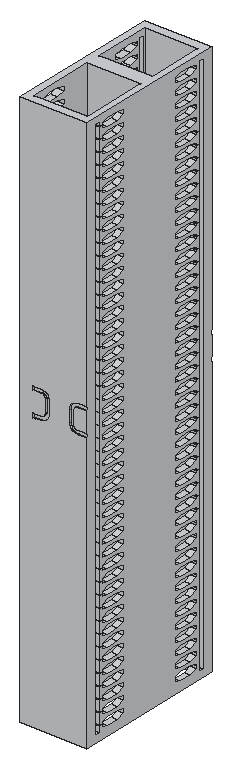
Revit family
Parameters
  Material ID = "760072801"
  Description = "Vertical Cable Management Kit, 10in X 84in (254mm X 2134mm) Double Sided, With Doors, Silver"
Reference planes (in)
  plane 1 "Center (Front/Back)": y = 0
  plane 2: z = 0
  plane 3 "Center (Left/Right)": x = 0
Forms (in)
  Extrusion 1, void, not visible
    sketch origin (0, 0, 0) x (1, 0, 0) y (0, 0, 1)
      loop
        line (-7.85662, 0.48089) -> (-7.85662, -0.39002) -> (-7.67285, -0.39002) -> (-7.67285, -0.64002) -> (-7.0736, -0.64002) -> (-7.0736, -0.39002) -> (-6.92978, -0.39002) -> (-6.92978, 0.48089) -> (-7.85662, 0.48089)
    from -3.79215 to 12
  Extrusion 2, void, not visible
    sketch origin (0, 0, 0) x (1, 0, 0) y (0, 0, 1)
      loop
        line (-8.21397, 0.42583) -> (-8.21397, -0.07417) -> (-8.08657, -0.07417) -> (-8.08657, -0.27417) -> (-7.83657, -0.27417) -> (-7.83657, -0.07417) -> (-7.72497, -0.07417) -> (-7.72497, 0.42583) -> (-8.21397, 0.42583)
    from 0.74059 to 3.34334
  Extrusion 3, solid
    sketch origin (0, 0, 0) x (1, 0, 0) y (0, 0, 1)
      loop
        line (-6, 42) -> (-6, -42) -> (4, -42) -> (4, 42) -> (-6, 42)
    from 0 to 23.5
  Extrusion 4, void
    sketch origin (-5.59283, 0, 42) x (0, 1, 0) y (1, 0, 0)
      loop
        line (-1.5, 0.69283) -> (-1.5, 8.74283) -> (-10, 8.74283) -> (-10, 0.69283) -> (-1.5, 0.69283)
      loop
        line (-12.25, 0.69283) -> (-12.25, 8.74283) -> (-22.25, 8.74283) -> (-22.25, 0.69283) -> (-12.25, 0.69283)
    from 0 to 110
  Extrusion 5, void
    sketch origin (4, 0, 20.63333) x (0, 0, 1) y (0, 1, 0)
      loop
        line (-61.63333, -2.51) -> (20.53667, -2.51) -> (20.53667, -1.54) -> (-61.63333, -1.54) -> (-61.63333, -2.51)
      loop
        line (-61.63333, -20.99) -> (-61.63333, -21.96) -> (20.53667, -21.96) -> (20.53667, -20.99) -> (-61.63333, -20.99)
    from 0 to 12
  Extrusion 6, void
    sketch origin (4, 0, 20.63333) x (0, 0, 1) y (0, 1, 0)
      loop
        line (20.18661, -6.98) -> (20.53667, -5.835) -> (20.53667, -4.905) -> (20.53667, -3.975) -> (20.18661, -2.83) -> (19.91167, -2.83) -> (19.91167, -2.2587) -> (19.81167, -2.2587) -> (19.81167, -2.83) -> (19.53673, -2.83) -> (19.18667, -3.975) -> (19.18667, -5.835) -> (19.53673, -6.98) -> (20.18661, -6.98)
      loop
        line (18.43661, -6.98) -> (18.78667, -5.835) -> (18.78667, -4.905) -> (18.78667, -3.975) -> (18.43661, -2.83) -> (18.16167, -2.83) -> (18.16167, -2.2587) -> (18.06167, -2.2587) -> (18.06167, -2.83) -> (17.78673, -2.83) -> (17.43667, -3.975) -> (17.43667, -5.835) -> (17.78673, -6.98) -> (18.43661, -6.98)
      loop
        line (16.68661, -6.98) -> (17.03667, -5.835) -> (17.03667, -4.905) -> (17.03667, -3.975) -> (16.68661, -2.83) -> (16.41167, -2.83) -> (16.41167, -2.2587) -> (16.31167, -2.2587) -> (16.31167, -2.83) -> (16.03673, -2.83) -> (15.68667, -3.975) -> (15.68667, -5.835) -> (16.03673, -6.98) -> (16.68661, -6.98)
      loop
        line (14.93661, -6.98) -> (15.28667, -5.835) -> (15.28667, -4.905) -> (15.28667, -3.975) -> (14.93661, -2.83) -> (14.66167, -2.83) -> (14.66167, -2.2587) -> (14.56167, -2.2587) -> (14.56167, -2.83) -> (14.28673, -2.83) -> (13.93667, -3.975) -> (13.93667, -5.835) -> (14.28673, -6.98) -> (14.93661, -6.98)
      loop
        line (13.18661, -6.98) -> (13.53667, -5.835) -> (13.53667, -4.905) -> (13.53667, -3.975) -> (13.18661, -2.83) -> (12.91167, -2.83) -> (12.91167, -2.2587) -> (12.81167, -2.2587) -> (12.81167, -2.83) -> (12.53673, -2.83) -> (12.18667, -3.975) -> (12.18667, -5.835) -> (12.53673, -6.98) -> (13.18661, -6.98)
      loop
        line (11.43661, -6.98) -> (11.78667, -5.835) -> (11.78667, -4.905) -> (11.78667, -3.975) -> (11.43661, -2.83) -> (11.16167, -2.83) -> (11.16167, -2.2587) -> (11.06167, -2.2587) -> (11.06167, -2.83) -> (10.78673, -2.83) -> (10.43667, -3.975) -> (10.43667, -5.835) -> (10.78673, -6.98) -> (11.43661, -6.98)
      loop
        line (9.68661, -6.98) -> (10.03667, -5.835) -> (10.03667, -4.905) -> (10.03667, -3.975) -> (9.68661, -2.83) -> (9.41167, -2.83) -> (9.41167, -2.2587) -> (9.31167, -2.2587) -> (9.31167, -2.83) -> (9.03673, -2.83) -> (8.68667, -3.975) -> (8.68667, -5.835) -> (9.03673, -6.98) -> (9.68661, -6.98)
      loop
        line (7.93661, -6.98) -> (8.28667, -5.835) -> (8.28667, -4.905) -> (8.28667, -3.975) -> (7.93661, -2.83) -> (7.66167, -2.83) -> (7.66167, -2.2587) -> (7.56167, -2.2587) -> (7.56167, -2.83) -> (7.28673, -2.83) -> (6.93667, -3.975) -> (6.93667, -5.835) -> (7.28673, -6.98) -> (7.93661, -6.98)
      loop
        line (6.18661, -6.98) -> (6.53667, -5.835) -> (6.53667, -4.905) -> (6.53667, -3.975) -> (6.18661, -2.83) -> (5.91167, -2.83) -> (5.91167, -2.2587) -> (5.81167, -2.2587) -> (5.81167, -2.83) -> (5.53673, -2.83) -> (5.18667, -3.975) -> (5.18667, -5.835) -> (5.53673, -6.98) -> (6.18661, -6.98)
      loop
        line (4.43661, -6.98) -> (4.78667, -5.835) -> (4.78667, -4.905) -> (4.78667, -3.975) -> (4.43661, -2.83) -> (4.16167, -2.83) -> (4.16167, -2.2587) -> (4.06167, -2.2587) -> (4.06167, -2.83) -> (3.78673, -2.83) -> (3.43667, -3.975) -> (3.43667, -5.835) -> (3.78673, -6.98) -> (4.43661, -6.98)
      loop
        line (2.68661, -6.98) -> (3.03667, -5.835) -> (3.03667, -4.905) -> (3.03667, -3.975) -> (2.68661, -2.83) -> (2.41167, -2.83) -> (2.41167, -2.2587) -> (2.31167, -2.2587) -> (2.31167, -2.83) -> (2.03673, -2.83) -> (1.68667, -3.975) -> (1.68667, -5.835) -> (2.03673, -6.98) -> (2.68661, -6.98)
      loop
        line (0.93661, -6.98) -> (1.28667, -5.835) -> (1.28667, -4.905) -> (1.28667, -3.975) -> (0.93661, -2.83) -> (0.66167, -2.83) -> (0.66167, -2.2587) -> (0.56167, -2.2587) -> (0.56167, -2.83) -> (0.28673, -2.83) -> (-0.06333, -3.975) -> (-0.06333, -5.835) -> (0.28673, -6.98) -> (0.93661, -6.98)
      loop
        line (-0.81339, -6.98) -> (-0.46333, -5.835) -> (-0.46333, -4.905) -> (-0.46333, -3.975) -> (-0.81339, -2.83) -> (-1.08833, -2.83) -> (-1.08833, -2.2587) -> (-1.18833, -2.2587) -> (-1.18833, -2.83) -> (-1.46327, -2.83) -> (-1.81333, -3.975) -> (-1.81333, -5.835) -> (-1.46327, -6.98) -> (-0.81339, -6.98)
      loop
        line (-2.56339, -6.98) -> (-2.21333, -5.835) -> (-2.21333, -4.905) -> (-2.21333, -3.975) -> (-2.56339, -2.83) -> (-2.83833, -2.83) -> (-2.83833, -2.2587) -> (-2.93833, -2.2587) -> (-2.93833, -2.83) -> (-3.21327, -2.83) -> (-3.56333, -3.975) -> (-3.56333, -5.835) -> (-3.21327, -6.98) -> (-2.56339, -6.98)
      loop
        line (-4.31339, -6.98) -> (-3.96333, -5.835) -> (-3.96333, -4.905) -> (-3.96333, -3.975) -> (-4.31339, -2.83) -> (-4.58833, -2.83) -> (-4.58833, -2.2587) -> (-4.68833, -2.2587) -> (-4.68833, -2.83) -> (-4.96327, -2.83) -> (-5.31333, -3.975) -> (-5.31333, -5.835) -> (-4.96327, -6.98) -> (-4.31339, -6.98)
      loop
        line (-6.06339, -6.98) -> (-5.71333, -5.835) -> (-5.71333, -4.905) -> (-5.71333, -3.975) -> (-6.06339, -2.83) -> (-6.33833, -2.83) -> (-6.33833, -2.2587) -> (-6.43833, -2.2587) -> (-6.43833, -2.83) -> (-6.71327, -2.83) -> (-7.06333, -3.975) -> (-7.06333, -5.835) -> (-6.71327, -6.98) -> (-6.06339, -6.98)
      loop
        line (-7.81339, -6.98) -> (-7.46333, -5.835) -> (-7.46333, -4.905) -> (-7.46333, -3.975) -> (-7.81339, -2.83) -> (-8.08833, -2.83) -> (-8.08833, -2.2587) -> (-8.18833, -2.2587) -> (-8.18833, -2.83) -> (-8.46327, -2.83) -> (-8.81333, -3.975) -> (-8.81333, -5.835) -> (-8.46327, -6.98) -> (-7.81339, -6.98)
      loop
        line (-9.56339, -6.98) -> (-9.21333, -5.835) -> (-9.21333, -4.905) -> (-9.21333, -3.975) -> (-9.56339, -2.83) -> (-9.83833, -2.83) -> (-9.83833, -2.2587) -> (-9.93833, -2.2587) -> (-9.93833, -2.83) -> (-10.21327, -2.83) -> (-10.56333, -3.975) -> (-10.56333, -5.835) -> (-10.21327, -6.98) -> (-9.56339, -6.98)
      loop
        line (-11.31339, -6.98) -> (-10.96333, -5.835) -> (-10.96333, -4.905) -> (-10.96333, -3.975) -> (-11.31339, -2.83) -> (-11.58833, -2.83) -> (-11.58833, -2.2587) -> (-11.68833, -2.2587) -> (-11.68833, -2.83) -> (-11.96327, -2.83) -> (-12.31333, -3.975) -> (-12.31333, -5.835) -> (-11.96327, -6.98) -> (-11.31339, -6.98)
      loop
        line (-13.06339, -6.98) -> (-12.71333, -5.835) -> (-12.71333, -4.905) -> (-12.71333, -3.975) -> (-13.06339, -2.83) -> (-13.33833, -2.83) -> (-13.33833, -2.2587) -> (-13.43833, -2.2587) -> (-13.43833, -2.83) -> (-13.71327, -2.83) -> (-14.06333, -3.975) -> (-14.06333, -5.835) -> (-13.71327, -6.98) -> (-13.06339, -6.98)
      loop
        line (-14.81339, -6.98) -> (-14.46333, -5.835) -> (-14.46333, -4.905) -> (-14.46333, -3.975) -> (-14.81339, -2.83) -> (-15.08833, -2.83) -> (-15.08833, -2.2587) -> (-15.18833, -2.2587) -> (-15.18833, -2.83) -> (-15.46327, -2.83) -> (-15.81333, -3.975) -> (-15.81333, -5.835) -> (-15.46327, -6.98) -> (-14.81339, -6.98)
      loop
        line (-16.56339, -6.98) -> (-16.21333, -5.835) -> (-16.21333, -4.905) -> (-16.21333, -3.975) -> (-16.56339, -2.83) -> (-16.83833, -2.83) -> (-16.83833, -2.2587) -> (-16.93833, -2.2587) -> (-16.93833, -2.83) -> (-17.21327, -2.83) -> (-17.56333, -3.975) -> (-17.56333, -5.835) -> (-17.21327, -6.98) -> (-16.56339, -6.98)
      loop
        line (-18.31339, -6.98) -> (-17.96333, -5.835) -> (-17.96333, -4.905) -> (-17.96333, -3.975) -> (-18.31339, -2.83) -> (-18.58833, -2.83) -> (-18.58833, -2.2587) -> (-18.68833, -2.2587) -> (-18.68833, -2.83) -> (-18.96327, -2.83) -> (-19.31333, -3.975) -> (-19.31333, -5.835) -> (-18.96327, -6.98) -> (-18.31339, -6.98)
      loop
        line (-20.06339, -6.98) -> (-19.71333, -5.835) -> (-19.71333, -4.905) -> (-19.71333, -3.975) -> (-20.06339, -2.83) -> (-20.33833, -2.83) -> (-20.33833, -2.2587) -> (-20.43833, -2.2587) -> (-20.43833, -2.83) -> (-20.71327, -2.83) -> (-21.06333, -3.975) -> (-21.06333, -5.835) -> (-20.71327, -6.98) -> (-20.06339, -6.98)
      loop
        line (-21.81339, -6.98) -> (-21.46333, -5.835) -> (-21.46333, -4.905) -> (-21.46333, -3.975) -> (-21.81339, -2.83) -> (-22.08833, -2.83) -> (-22.08833, -2.2587) -> (-22.18833, -2.2587) -> (-22.18833, -2.83) -> (-22.46327, -2.83) -> (-22.81333, -3.975) -> (-22.81333, -5.835) -> (-22.46327, -6.98) -> (-21.81339, -6.98)
      loop
        line (-23.56339, -6.98) -> (-23.21333, -5.835) -> (-23.21333, -4.905) -> (-23.21333, -3.975) -> (-23.56339, -2.83) -> (-23.83833, -2.83) -> (-23.83833, -2.2587) -> (-23.93833, -2.2587) -> (-23.93833, -2.83) -> (-24.21327, -2.83) -> (-24.56333, -3.975) -> (-24.56333, -5.835) -> (-24.21327, -6.98) -> (-23.56339, -6.98)
      loop
        line (-25.31339, -6.98) -> (-24.96333, -5.835) -> (-24.96333, -4.905) -> (-24.96333, -3.975) -> (-25.31339, -2.83) -> (-25.58833, -2.83) -> (-25.58833, -2.2587) -> (-25.68833, -2.2587) -> (-25.68833, -2.83) -> (-25.96327, -2.83) -> (-26.31333, -3.975) -> (-26.31333, -5.835) -> (-25.96327, -6.98) -> (-25.31339, -6.98)
      loop
        line (-27.06339, -6.98) -> (-26.71333, -5.835) -> (-26.71333, -4.905) -> (-26.71333, -3.975) -> (-27.06339, -2.83) -> (-27.33833, -2.83) -> (-27.33833, -2.2587) -> (-27.43833, -2.2587) -> (-27.43833, -2.83) -> (-27.71327, -2.83) -> (-28.06333, -3.975) -> (-28.06333, -5.835) -> (-27.71327, -6.98) -> (-27.06339, -6.98)
      loop
        line (-28.81339, -6.98) -> (-28.46333, -5.835) -> (-28.46333, -4.905) -> (-28.46333, -3.975) -> (-28.81339, -2.83) -> (-29.08833, -2.83) -> (-29.08833, -2.2587) -> (-29.18833, -2.2587) -> (-29.18833, -2.83) -> (-29.46327, -2.83) -> (-29.81333, -3.975) -> (-29.81333, -5.835) -> (-29.46327, -6.98) -> (-28.81339, -6.98)
      loop
        line (-30.56339, -6.98) -> (-30.21333, -5.835) -> (-30.21333, -4.905) -> (-30.21333, -3.975) -> (-30.56339, -2.83) -> (-30.83833, -2.83) -> (-30.83833, -2.2587) -> (-30.93833, -2.2587) -> (-30.93833, -2.83) -> (-31.21327, -2.83) -> (-31.56333, -3.975) -> (-31.56333, -5.835) -> (-31.21327, -6.98) -> (-30.56339, -6.98)
      loop
        line (-32.31339, -6.98) -> (-31.96333, -5.835) -> (-31.96333, -4.905) -> (-31.96333, -3.975) -> (-32.31339, -2.83) -> (-32.58833, -2.83) -> (-32.58833, -2.2587) -> (-32.68833, -2.2587) -> (-32.68833, -2.83) -> (-32.96327, -2.83) -> (-33.31333, -3.975) -> (-33.31333, -5.835) -> (-32.96327, -6.98) -> (-32.31339, -6.98)
      loop
        line (-34.06339, -6.98) -> (-33.71333, -5.835) -> (-33.71333, -4.905) -> (-33.71333, -3.975) -> (-34.06339, -2.83) -> (-34.33833, -2.83) -> (-34.33833, -2.2587) -> (-34.43833, -2.2587) -> (-34.43833, -2.83) -> (-34.71327, -2.83) -> (-35.06333, -3.975) -> (-35.06333, -5.835) -> (-34.71327, -6.98) -> (-34.06339, -6.98)
      loop
        line (-35.81339, -6.98) -> (-35.46333, -5.835) -> (-35.46333, -4.905) -> (-35.46333, -3.975) -> (-35.81339, -2.83) -> (-36.08833, -2.83) -> (-36.08833, -2.2587) -> (-36.18833, -2.2587) -> (-36.18833, -2.83) -> (-36.46327, -2.83) -> (-36.81333, -3.975) -> (-36.81333, -5.835) -> (-36.46327, -6.98) -> (-35.81339, -6.98)
      loop
        line (-37.56339, -6.98) -> (-37.21333, -5.835) -> (-37.21333, -4.905) -> (-37.21333, -3.975) -> (-37.56339, -2.83) -> (-37.83833, -2.83) -> (-37.83833, -2.2587) -> (-37.93833, -2.2587) -> (-37.93833, -2.83) -> (-38.21327, -2.83) -> (-38.56333, -3.975) -> (-38.56333, -5.835) -> (-38.21327, -6.98) -> (-37.56339, -6.98)
      loop
        line (-39.31339, -6.98) -> (-38.96333, -5.835) -> (-38.96333, -4.905) -> (-38.96333, -3.975) -> (-39.31339, -2.83) -> (-39.58833, -2.83) -> (-39.58833, -2.2587) -> (-39.68833, -2.2587) -> (-39.68833, -2.83) -> (-39.96327, -2.83) -> (-40.31333, -3.975) -> (-40.31333, -5.835) -> (-39.96327, -6.98) -> (-39.31339, -6.98)
      loop
        line (-41.06339, -6.98) -> (-40.71333, -5.835) -> (-40.71333, -4.905) -> (-40.71333, -3.975) -> (-41.06339, -2.83) -> (-41.33833, -2.83) -> (-41.33833, -2.2587) -> (-41.43833, -2.2587) -> (-41.43833, -2.83) -> (-41.71327, -2.83) -> (-42.06333, -3.975) -> (-42.06333, -5.835) -> (-41.71327, -6.98) -> (-41.06339, -6.98)
      loop
        line (-42.81339, -6.98) -> (-42.46333, -5.835) -> (-42.46333, -4.905) -> (-42.46333, -3.975) -> (-42.81339, -2.83) -> (-43.08833, -2.83) -> (-43.08833, -2.2587) -> (-43.18833, -2.2587) -> (-43.18833, -2.83) -> (-43.46327, -2.83) -> (-43.81333, -3.975) -> (-43.81333, -5.835) -> (-43.46327, -6.98) -> (-42.81339, -6.98)
      loop
        line (-44.56339, -6.98) -> (-44.21333, -5.835) -> (-44.21333, -4.905) -> (-44.21333, -3.975) -> (-44.56339, -2.83) -> (-44.83833, -2.83) -> (-44.83833, -2.2587) -> (-44.93833, -2.2587) -> (-44.93833, -2.83) -> (-45.21327, -2.83) -> (-45.56333, -3.975) -> (-45.56333, -5.835) -> (-45.21327, -6.98) -> (-44.56339, -6.98)
      loop
        line (-46.31339, -6.98) -> (-45.96333, -5.835) -> (-45.96333, -4.905) -> (-45.96333, -3.975) -> (-46.31339, -2.83) -> (-46.58833, -2.83) -> (-46.58833, -2.2587) -> (-46.68833, -2.2587) -> (-46.68833, -2.83) -> (-46.96327, -2.83) -> (-47.31333, -3.975) -> (-47.31333, -5.835) -> (-46.96327, -6.98) -> (-46.31339, -6.98)
      loop
        line (-48.06339, -6.98) -> (-47.71333, -5.835) -> (-47.71333, -4.905) -> (-47.71333, -3.975) -> (-48.06339, -2.83) -> (-48.33833, -2.83) -> (-48.33833, -2.2587) -> (-48.43833, -2.2587) -> (-48.43833, -2.83) -> (-48.71327, -2.83) -> (-49.06333, -3.975) -> (-49.06333, -5.835) -> (-48.71327, -6.98) -> (-48.06339, -6.98)
      loop
        line (-49.81339, -6.98) -> (-49.46333, -5.835) -> (-49.46333, -4.905) -> (-49.46333, -3.975) -> (-49.81339, -2.83) -> (-50.08833, -2.83) -> (-50.08833, -2.2587) -> (-50.18833, -2.2587) -> (-50.18833, -2.83) -> (-50.46327, -2.83) -> (-50.81333, -3.975) -> (-50.81333, -5.835) -> (-50.46327, -6.98) -> (-49.81339, -6.98)
      loop
        line (-51.56339, -6.98) -> (-51.21333, -5.835) -> (-51.21333, -4.905) -> (-51.21333, -3.975) -> (-51.56339, -2.83) -> (-51.83833, -2.83) -> (-51.83833, -2.2587) -> (-51.93833, -2.2587) -> (-51.93833, -2.83) -> (-52.21327, -2.83) -> (-52.56333, -3.975) -> (-52.56333, -5.835) -> (-52.21327, -6.98) -> (-51.56339, -6.98)
      loop
        line (-53.31339, -6.98) -> (-52.96333, -5.835) -> (-52.96333, -4.905) -> (-52.96333, -3.975) -> (-53.31339, -2.83) -> (-53.58833, -2.83) -> (-53.58833, -2.2587) -> (-53.68833, -2.2587) -> (-53.68833, -2.83) -> (-53.96327, -2.83) -> (-54.31333, -3.975) -> (-54.31333, -5.835) -> (-53.96327, -6.98) -> (-53.31339, -6.98)
      loop
        line (-55.06339, -6.98) -> (-54.71333, -5.835) -> (-54.71333, -4.905) -> (-54.71333, -3.975) -> (-55.06339, -2.83) -> (-55.33833, -2.83) -> (-55.33833, -2.2587) -> (-55.43833, -2.2587) -> (-55.43833, -2.83) -> (-55.71327, -2.83) -> (-56.06333, -3.975) -> (-56.06333, -5.835) -> (-55.71327, -6.98) -> (-55.06339, -6.98)
      loop
        line (-56.81339, -6.98) -> (-56.46333, -5.835) -> (-56.46333, -4.905) -> (-56.46333, -3.975) -> (-56.81339, -2.83) -> (-57.08833, -2.83) -> (-57.08833, -2.2587) -> (-57.18833, -2.2587) -> (-57.18833, -2.83) -> (-57.46327, -2.83) -> (-57.81333, -3.975) -> (-57.81333, -5.835) -> (-57.46327, -6.98) -> (-56.81339, -6.98)
      loop
        line (-58.56339, -6.98) -> (-58.21333, -5.835) -> (-58.21333, -4.905) -> (-58.21333, -3.975) -> (-58.56339, -2.83) -> (-58.83833, -2.83) -> (-58.83833, -2.2587) -> (-58.93833, -2.2587) -> (-58.93833, -2.83) -> (-59.21327, -2.83) -> (-59.56333, -3.975) -> (-59.56333, -5.835) -> (-59.21327, -6.98) -> (-58.56339, -6.98)
      loop
        line (-60.31339, -6.98) -> (-59.96333, -5.835) -> (-59.96333, -4.905) -> (-59.96333, -3.975) -> (-60.31339, -2.83) -> (-60.58833, -2.83) -> (-60.58833, -2.2587) -> (-60.68833, -2.2587) -> (-60.68833, -2.83) -> (-60.96327, -2.83) -> (-61.31333, -3.975) -> (-61.31333, -5.835) -> (-60.96327, -6.98) -> (-60.31339, -6.98)
      loop
        line (20.18661, -16.52) -> (19.53673, -16.52) -> (19.18667, -17.665) -> (19.18667, -19.525) -> (19.53673, -20.67) -> (19.81167, -20.67) -> (19.81167, -21.2413) -> (19.91167, -21.2413) -> (19.91167, -20.67) -> (20.18661, -20.67) -> (20.53667, -19.525) -> (20.53667, -18.595) -> (20.53667, -17.665) -> (20.18661, -16.52)
      loop
        line (18.43661, -16.52) -> (17.78673, -16.52) -> (17.43667, -17.665) -> (17.43667, -19.525) -> (17.78673, -20.67) -> (18.06167, -20.67) -> (18.06167, -21.2413) -> (18.16167, -21.2413) -> (18.16167, -20.67) -> (18.43661, -20.67) -> (18.78667, -19.525) -> (18.78667, -18.595) -> (18.78667, -17.665) -> (18.43661, -16.52)
      loop
        line (16.68661, -16.52) -> (16.03673, -16.52) -> (15.68667, -17.665) -> (15.68667, -19.525) -> (16.03673, -20.67) -> (16.31167, -20.67) -> (16.31167, -21.2413) -> (16.41167, -21.2413) -> (16.41167, -20.67) -> (16.68661, -20.67) -> (17.03667, -19.525) -> (17.03667, -18.595) -> (17.03667, -17.665) -> (16.68661, -16.52)
      loop
        line (14.93661, -16.52) -> (14.28673, -16.52) -> (13.93667, -17.665) -> (13.93667, -19.525) -> (14.28673, -20.67) -> (14.56167, -20.67) -> (14.56167, -21.2413) -> (14.66167, -21.2413) -> (14.66167, -20.67) -> (14.93661, -20.67) -> (15.28667, -19.525) -> (15.28667, -18.595) -> (15.28667, -17.665) -> (14.93661, -16.52)
      loop
        line (13.18661, -16.52) -> (12.53673, -16.52) -> (12.18667, -17.665) -> (12.18667, -19.525) -> (12.53673, -20.67) -> (12.81167, -20.67) -> (12.81167, -21.2413) -> (12.91167, -21.2413) -> (12.91167, -20.67) -> (13.18661, -20.67) -> (13.53667, -19.525) -> (13.53667, -18.595) -> (13.53667, -17.665) -> (13.18661, -16.52)
      loop
        line (11.43661, -16.52) -> (10.78673, -16.52) -> (10.43667, -17.665) -> (10.43667, -19.525) -> (10.78673, -20.67) -> (11.06167, -20.67) -> (11.06167, -21.2413) -> (11.16167, -21.2413) -> (11.16167, -20.67) -> (11.43661, -20.67) -> (11.78667, -19.525) -> (11.78667, -18.595) -> (11.78667, -17.665) -> (11.43661, -16.52)
      loop
        line (9.68661, -16.52) -> (9.03673, -16.52) -> (8.68667, -17.665) -> (8.68667, -19.525) -> (9.03673, -20.67) -> (9.31167, -20.67) -> (9.31167, -21.2413) -> (9.41167, -21.2413) -> (9.41167, -20.67) -> (9.68661, -20.67) -> (10.03667, -19.525) -> (10.03667, -18.595) -> (10.03667, -17.665) -> (9.68661, -16.52)
      loop
        line (7.93661, -16.52) -> (7.28673, -16.52) -> (6.93667, -17.665) -> (6.93667, -19.525) -> (7.28673, -20.67) -> (7.56167, -20.67) -> (7.56167, -21.2413) -> (7.66167, -21.2413) -> (7.66167, -20.67) -> (7.93661, -20.67) -> (8.28667, -19.525) -> (8.28667, -18.595) -> (8.28667, -17.665) -> (7.93661, -16.52)
      loop
        line (6.18661, -16.52) -> (5.53673, -16.52) -> (5.18667, -17.665) -> (5.18667, -19.525) -> (5.53673, -20.67) -> (5.81167, -20.67) -> (5.81167, -21.2413) -> (5.91167, -21.2413) -> (5.91167, -20.67) -> (6.18661, -20.67) -> (6.53667, -19.525) -> (6.53667, -18.595) -> (6.53667, -17.665) -> (6.18661, -16.52)
      loop
        line (4.43661, -16.52) -> (3.78673, -16.52) -> (3.43667, -17.665) -> (3.43667, -19.525) -> (3.78673, -20.67) -> (4.06167, -20.67) -> (4.06167, -21.2413) -> (4.16167, -21.2413) -> (4.16167, -20.67) -> (4.43661, -20.67) -> (4.78667, -19.525) -> (4.78667, -18.595) -> (4.78667, -17.665) -> (4.43661, -16.52)
      loop
        line (2.68661, -16.52) -> (2.03673, -16.52) -> (1.68667, -17.665) -> (1.68667, -19.525) -> (2.03673, -20.67) -> (2.31167, -20.67) -> (2.31167, -21.2413) -> (2.41167, -21.2413) -> (2.41167, -20.67) -> (2.68661, -20.67) -> (3.03667, -19.525) -> (3.03667, -18.595) -> (3.03667, -17.665) -> (2.68661, -16.52)
      loop
        line (0.93661, -16.52) -> (0.28673, -16.52) -> (-0.06333, -17.665) -> (-0.06333, -19.525) -> (0.28673, -20.67) -> (0.56167, -20.67) -> (0.56167, -21.2413) -> (0.66167, -21.2413) -> (0.66167, -20.67) -> (0.93661, -20.67) -> (1.28667, -19.525) -> (1.28667, -18.595) -> (1.28667, -17.665) -> (0.93661, -16.52)
      loop
        line (-0.81339, -16.52) -> (-1.46327, -16.52) -> (-1.81333, -17.665) -> (-1.81333, -19.525) -> (-1.46327, -20.67) -> (-1.18833, -20.67) -> (-1.18833, -21.2413) -> (-1.08833, -21.2413) -> (-1.08833, -20.67) -> (-0.81339, -20.67) -> (-0.46333, -19.525) -> (-0.46333, -18.595) -> (-0.46333, -17.665) -> (-0.81339, -16.52)
      loop
        line (-2.56339, -16.52) -> (-3.21327, -16.52) -> (-3.56333, -17.665) -> (-3.56333, -19.525) -> (-3.21327, -20.67) -> (-2.93833, -20.67) -> (-2.93833, -21.2413) -> (-2.83833, -21.2413) -> (-2.83833, -20.67) -> (-2.56339, -20.67) -> (-2.21333, -19.525) -> (-2.21333, -18.595) -> (-2.21333, -17.665) -> (-2.56339, -16.52)
      loop
        line (-4.31339, -16.52) -> (-4.96327, -16.52) -> (-5.31333, -17.665) -> (-5.31333, -19.525) -> (-4.96327, -20.67) -> (-4.68833, -20.67) -> (-4.68833, -21.2413) -> (-4.58833, -21.2413) -> (-4.58833, -20.67) -> (-4.31339, -20.67) -> (-3.96333, -19.525) -> (-3.96333, -18.595) -> (-3.96333, -17.665) -> (-4.31339, -16.52)
      loop
        line (-6.06339, -16.52) -> (-6.71327, -16.52) -> (-7.06333, -17.665) -> (-7.06333, -19.525) -> (-6.71327, -20.67) -> (-6.43833, -20.67) -> (-6.43833, -21.2413) -> (-6.33833, -21.2413) -> (-6.33833, -20.67) -> (-6.06339, -20.67) -> (-5.71333, -19.525) -> (-5.71333, -18.595) -> (-5.71333, -17.665) -> (-6.06339, -16.52)
      loop
        line (-7.81339, -16.52) -> (-8.46327, -16.52) -> (-8.81333, -17.665) -> (-8.81333, -19.525) -> (-8.46327, -20.67) -> (-8.18833, -20.67) -> (-8.18833, -21.2413) -> (-8.08833, -21.2413) -> (-8.08833, -20.67) -> (-7.81339, -20.67) -> (-7.46333, -19.525) -> (-7.46333, -18.595) -> (-7.46333, -17.665) -> (-7.81339, -16.52)
      loop
        line (-9.56339, -16.52) -> (-10.21327, -16.52) -> (-10.56333, -17.665) -> (-10.56333, -19.525) -> (-10.21327, -20.67) -> (-9.93833, -20.67) -> (-9.93833, -21.2413) -> (-9.83833, -21.2413) -> (-9.83833, -20.67) -> (-9.56339, -20.67) -> (-9.21333, -19.525) -> (-9.21333, -18.595) -> (-9.21333, -17.665) -> (-9.56339, -16.52)
      loop
        line (-11.31339, -16.52) -> (-11.96327, -16.52) -> (-12.31333, -17.665) -> (-12.31333, -19.525) -> (-11.96327, -20.67) -> (-11.68833, -20.67) -> (-11.68833, -21.2413) -> (-11.58833, -21.2413) -> (-11.58833, -20.67) -> (-11.31339, -20.67) -> (-10.96333, -19.525) -> (-10.96333, -18.595) -> (-10.96333, -17.665) -> (-11.31339, -16.52)
      loop
        line (-13.06339, -16.52) -> (-13.71327, -16.52) -> (-14.06333, -17.665) -> (-14.06333, -19.525) -> (-13.71327, -20.67) -> (-13.43833, -20.67) -> (-13.43833, -21.2413) -> (-13.33833, -21.2413) -> (-13.33833, -20.67) -> (-13.06339, -20.67) -> (-12.71333, -19.525) -> (-12.71333, -18.595) -> (-12.71333, -17.665) -> (-13.06339, -16.52)
      loop
        line (-14.81339, -16.52) -> (-15.46327, -16.52) -> (-15.81333, -17.665) -> (-15.81333, -19.525) -> (-15.46327, -20.67) -> (-15.18833, -20.67) -> (-15.18833, -21.2413) -> (-15.08833, -21.2413) -> (-15.08833, -20.67) -> (-14.81339, -20.67) -> (-14.46333, -19.525) -> (-14.46333, -18.595) -> (-14.46333, -17.665) -> (-14.81339, -16.52)
      loop
        line (-16.56339, -16.52) -> (-17.21327, -16.52) -> (-17.56333, -17.665) -> (-17.56333, -19.525) -> (-17.21327, -20.67) -> (-16.93833, -20.67) -> (-16.93833, -21.2413) -> (-16.83833, -21.2413) -> (-16.83833, -20.67) -> (-16.56339, -20.67) -> (-16.21333, -19.525) -> (-16.21333, -18.595) -> (-16.21333, -17.665) -> (-16.56339, -16.52)
      loop
        line (-18.31339, -16.52) -> (-18.96327, -16.52) -> (-19.31333, -17.665) -> (-19.31333, -19.525) -> (-18.96327, -20.67) -> (-18.68833, -20.67) -> (-18.68833, -21.2413) -> (-18.58833, -21.2413) -> (-18.58833, -20.67) -> (-18.31339, -20.67) -> (-17.96333, -19.525) -> (-17.96333, -18.595) -> (-17.96333, -17.665) -> (-18.31339, -16.52)
      loop
        line (-20.06339, -16.52) -> (-20.71327, -16.52) -> (-21.06333, -17.665) -> (-21.06333, -19.525) -> (-20.71327, -20.67) -> (-20.43833, -20.67) -> (-20.43833, -21.2413) -> (-20.33833, -21.2413) -> (-20.33833, -20.67) -> (-20.06339, -20.67) -> (-19.71333, -19.525) -> (-19.71333, -18.595) -> (-19.71333, -17.665) -> (-20.06339, -16.52)
      loop
        line (-21.81339, -16.52) -> (-22.46327, -16.52) -> (-22.81333, -17.665) -> (-22.81333, -19.525) -> (-22.46327, -20.67) -> (-22.18833, -20.67) -> (-22.18833, -21.2413) -> (-22.08833, -21.2413) -> (-22.08833, -20.67) -> (-21.81339, -20.67) -> (-21.46333, -19.525) -> (-21.46333, -18.595) -> (-21.46333, -17.665) -> (-21.81339, -16.52)
      loop
        line (-23.56339, -16.52) -> (-24.21327, -16.52) -> (-24.56333, -17.665) -> (-24.56333, -19.525) -> (-24.21327, -20.67) -> (-23.93833, -20.67) -> (-23.93833, -21.2413) -> (-23.83833, -21.2413) -> (-23.83833, -20.67) -> (-23.56339, -20.67) -> (-23.21333, -19.525) -> (-23.21333, -18.595) -> (-23.21333, -17.665) -> (-23.56339, -16.52)
      loop
        line (-25.31339, -16.52) -> (-25.96327, -16.52) -> (-26.31333, -17.665) -> (-26.31333, -19.525) -> (-25.96327, -20.67) -> (-25.68833, -20.67) -> (-25.68833, -21.2413) -> (-25.58833, -21.2413) -> (-25.58833, -20.67) -> (-25.31339, -20.67) -> (-24.96333, -19.525) -> (-24.96333, -18.595) -> (-24.96333, -17.665) -> (-25.31339, -16.52)
      loop
        line (-27.06339, -16.52) -> (-27.71327, -16.52) -> (-28.06333, -17.665) -> (-28.06333, -19.525) -> (-27.71327, -20.67) -> (-27.43833, -20.67) -> (-27.43833, -21.2413) -> (-27.33833, -21.2413) -> (-27.33833, -20.67) -> (-27.06339, -20.67) -> (-26.71333, -19.525) -> (-26.71333, -18.595) -> (-26.71333, -17.665) -> (-27.06339, -16.52)
      loop
        line (-28.81339, -16.52) -> (-29.46327, -16.52) -> (-29.81333, -17.665) -> (-29.81333, -19.525) -> (-29.46327, -20.67) -> (-29.18833, -20.67) -> (-29.18833, -21.2413) -> (-29.08833, -21.2413) -> (-29.08833, -20.67) -> (-28.81339, -20.67) -> (-28.46333, -19.525) -> (-28.46333, -18.595) -> (-28.46333, -17.665) -> (-28.81339, -16.52)
      loop
        line (-30.56339, -16.52) -> (-31.21327, -16.52) -> (-31.56333, -17.665) -> (-31.56333, -19.525) -> (-31.21327, -20.67) -> (-30.93833, -20.67) -> (-30.93833, -21.2413) -> (-30.83833, -21.2413) -> (-30.83833, -20.67) -> (-30.56339, -20.67) -> (-30.21333, -19.525) -> (-30.21333, -18.595) -> (-30.21333, -17.665) -> (-30.56339, -16.52)
      loop
        line (-32.31339, -16.52) -> (-32.96327, -16.52) -> (-33.31333, -17.665) -> (-33.31333, -19.525) -> (-32.96327, -20.67) -> (-32.68833, -20.67) -> (-32.68833, -21.2413) -> (-32.58833, -21.2413) -> (-32.58833, -20.67) -> (-32.31339, -20.67) -> (-31.96333, -19.525) -> (-31.96333, -18.595) -> (-31.96333, -17.665) -> (-32.31339, -16.52)
      loop
        line (-34.06339, -16.52) -> (-34.71327, -16.52) -> (-35.06333, -17.665) -> (-35.06333, -19.525) -> (-34.71327, -20.67) -> (-34.43833, -20.67) -> (-34.43833, -21.2413) -> (-34.33833, -21.2413) -> (-34.33833, -20.67) -> (-34.06339, -20.67) -> (-33.71333, -19.525) -> (-33.71333, -18.595) -> (-33.71333, -17.665) -> (-34.06339, -16.52)
      loop
        line (-35.81339, -16.52) -> (-36.46327, -16.52) -> (-36.81333, -17.665) -> (-36.81333, -19.525) -> (-36.46327, -20.67) -> (-36.18833, -20.67) -> (-36.18833, -21.2413) -> (-36.08833, -21.2413) -> (-36.08833, -20.67) -> (-35.81339, -20.67) -> (-35.46333, -19.525) -> (-35.46333, -18.595) -> (-35.46333, -17.665) -> (-35.81339, -16.52)
      loop
        line (-37.56339, -16.52) -> (-38.21327, -16.52) -> (-38.56333, -17.665) -> (-38.56333, -19.525) -> (-38.21327, -20.67) -> (-37.93833, -20.67) -> (-37.93833, -21.2413) -> (-37.83833, -21.2413) -> (-37.83833, -20.67) -> (-37.56339, -20.67) -> (-37.21333, -19.525) -> (-37.21333, -18.595) -> (-37.21333, -17.665) -> (-37.56339, -16.52)
      loop
        line (-39.31339, -16.52) -> (-39.96327, -16.52) -> (-40.31333, -17.665) -> (-40.31333, -19.525) -> (-39.96327, -20.67) -> (-39.68833, -20.67) -> (-39.68833, -21.2413) -> (-39.58833, -21.2413) -> (-39.58833, -20.67) -> (-39.31339, -20.67) -> (-38.96333, -19.525) -> (-38.96333, -18.595) -> (-38.96333, -17.665) -> (-39.31339, -16.52)
      loop
        line (-41.06339, -16.52) -> (-41.71327, -16.52) -> (-42.06333, -17.665) -> (-42.06333, -19.525) -> (-41.71327, -20.67) -> (-41.43833, -20.67) -> (-41.43833, -21.2413) -> (-41.33833, -21.2413) -> (-41.33833, -20.67) -> (-41.06339, -20.67) -> (-40.71333, -19.525) -> (-40.71333, -18.595) -> (-40.71333, -17.665) -> (-41.06339, -16.52)
      loop
        line (-42.81339, -16.52) -> (-43.46327, -16.52) -> (-43.81333, -17.665) -> (-43.81333, -19.525) -> (-43.46327, -20.67) -> (-43.18833, -20.67) -> (-43.18833, -21.2413) -> (-43.08833, -21.2413) -> (-43.08833, -20.67) -> (-42.81339, -20.67) -> (-42.46333, -19.525) -> (-42.46333, -18.595) -> (-42.46333, -17.665) -> (-42.81339, -16.52)
      loop
        line (-44.56339, -16.52) -> (-45.21327, -16.52) -> (-45.56333, -17.665) -> (-45.56333, -19.525) -> (-45.21327, -20.67) -> (-44.93833, -20.67) -> (-44.93833, -21.2413) -> (-44.83833, -21.2413) -> (-44.83833, -20.67) -> (-44.56339, -20.67) -> (-44.21333, -19.525) -> (-44.21333, -18.595) -> (-44.21333, -17.665) -> (-44.56339, -16.52)
      loop
        line (-46.31339, -16.52) -> (-46.96327, -16.52) -> (-47.31333, -17.665) -> (-47.31333, -19.525) -> (-46.96327, -20.67) -> (-46.68833, -20.67) -> (-46.68833, -21.2413) -> (-46.58833, -21.2413) -> (-46.58833, -20.67) -> (-46.31339, -20.67) -> (-45.96333, -19.525) -> (-45.96333, -18.595) -> (-45.96333, -17.665) -> (-46.31339, -16.52)
      loop
        line (-48.06339, -16.52) -> (-48.71327, -16.52) -> (-49.06333, -17.665) -> (-49.06333, -19.525) -> (-48.71327, -20.67) -> (-48.43833, -20.67) -> (-48.43833, -21.2413) -> (-48.33833, -21.2413) -> (-48.33833, -20.67) -> (-48.06339, -20.67) -> (-47.71333, -19.525) -> (-47.71333, -18.595) -> (-47.71333, -17.665) -> (-48.06339, -16.52)
      loop
        line (-49.81339, -16.52) -> (-50.46327, -16.52) -> (-50.81333, -17.665) -> (-50.81333, -19.525) -> (-50.46327, -20.67) -> (-50.18833, -20.67) -> (-50.18833, -21.2413) -> (-50.08833, -21.2413) -> (-50.08833, -20.67) -> (-49.81339, -20.67) -> (-49.46333, -19.525) -> (-49.46333, -18.595) -> (-49.46333, -17.665) -> (-49.81339, -16.52)
      loop
        line (-51.56339, -16.52) -> (-52.21327, -16.52) -> (-52.56333, -17.665) -> (-52.56333, -19.525) -> (-52.21327, -20.67) -> (-51.93833, -20.67) -> (-51.93833, -21.2413) -> (-51.83833, -21.2413) -> (-51.83833, -20.67) -> (-51.56339, -20.67) -> (-51.21333, -19.525) -> (-51.21333, -18.595) -> (-51.21333, -17.665) -> (-51.56339, -16.52)
      loop
        line (-53.31339, -16.52) -> (-53.96327, -16.52) -> (-54.31333, -17.665) -> (-54.31333, -19.525) -> (-53.96327, -20.67) -> (-53.68833, -20.67) -> (-53.68833, -21.2413) -> (-53.58833, -21.2413) -> (-53.58833, -20.67) -> (-53.31339, -20.67) -> (-52.96333, -19.525) -> (-52.96333, -18.595) -> (-52.96333, -17.665) -> (-53.31339, -16.52)
      loop
        line (-55.06339, -16.52) -> (-55.71327, -16.52) -> (-56.06333, -17.665) -> (-56.06333, -19.525) -> (-55.71327, -20.67) -> (-55.43833, -20.67) -> (-55.43833, -21.2413) -> (-55.33833, -21.2413) -> (-55.33833, -20.67) -> (-55.06339, -20.67) -> (-54.71333, -19.525) -> (-54.71333, -18.595) -> (-54.71333, -17.665) -> (-55.06339, -16.52)
      loop
        line (-56.81339, -16.52) -> (-57.46327, -16.52) -> (-57.81333, -17.665) -> (-57.81333, -19.525) -> (-57.46327, -20.67) -> (-57.18833, -20.67) -> (-57.18833, -21.2413) -> (-57.08833, -21.2413) -> (-57.08833, -20.67) -> (-56.81339, -20.67) -> (-56.46333, -19.525) -> (-56.46333, -18.595) -> (-56.46333, -17.665) -> (-56.81339, -16.52)
      loop
        line (-58.56339, -16.52) -> (-59.21327, -16.52) -> (-59.56333, -17.665) -> (-59.56333, -19.525) -> (-59.21327, -20.67) -> (-58.93833, -20.67) -> (-58.93833, -21.2413) -> (-58.83833, -21.2413) -> (-58.83833, -20.67) -> (-58.56339, -20.67) -> (-58.21333, -19.525) -> (-58.21333, -18.595) -> (-58.21333, -17.665) -> (-58.56339, -16.52)
      loop
        line (-60.31339, -16.52) -> (-60.96327, -16.52) -> (-61.31333, -17.665) -> (-61.31333, -19.525) -> (-60.96327, -20.67) -> (-60.68833, -20.67) -> (-60.68833, -21.2413) -> (-60.58833, -21.2413) -> (-60.58833, -20.67) -> (-60.31339, -20.67) -> (-59.96333, -19.525) -> (-59.96333, -18.595) -> (-59.96333, -17.665) -> (-60.31339, -16.52)
    from 0 to 12
  Extrusion 7, void
    sketch origin (0, -23.5, 0) x (-1, 0, 0) y (0, 0, 1)
      loop
        line (4, 3.95389) -> (2.73063, 3.95389)
        arc (2.73063, 3.95389) -> (1.86044, 3.59344) -> (1.5, 2.72326) r 1.23063
        line (1.5, 2.72326) -> (1.5, 0.89626)
        arc (1.5, 0.89626) -> (1.86026, 0.02652) -> (2.73, -0.33374) r 1.23
        line (2.73, -0.33374) -> (4, -0.33374) -> (4, 0.31626) -> (2.65, 0.31626)
        arc (2.65, 0.31626) -> (2.29645, 0.4627) -> (2.15, 0.81626) r 0.5
        line (2.15, 0.81626) -> (2.15, 2.80389)
        arc (2.15, 2.80389) -> (2.29645, 3.15744) -> (2.65, 3.30389) r 0.5
        line (2.65, 3.30389) -> (4, 3.30389) -> (4, 3.95389)
      loop
        line (-4, 3.95389) -> (-4, 3.30389) -> (-2.65, 3.30389)
        arc (-2.65, 3.30389) -> (-2.29645, 3.15744) -> (-2.15, 2.80389) r 0.5
        line (-2.15, 2.80389) -> (-2.15, 0.81626)
        arc (-2.15, 0.81626) -> (-2.29645, 0.4627) -> (-2.65, 0.31626) r 0.5
        line (-2.65, 0.31626) -> (-4, 0.31626) -> (-4, -0.33374) -> (-2.73, -0.33374)
        arc (-2.73, -0.33374) -> (-1.86026, 0.02652) -> (-1.5, 0.89626) r 1.23
        line (-1.5, 0.89626) -> (-1.5, 2.72326)
        arc (-1.5, 2.72326) -> (-1.86044, 3.59344) -> (-2.73063, 3.95389) r 1.23063
        line (-2.73063, 3.95389) -> (-4, 3.95389)
    from 0 to 0.2
  Extrusion 8, void
    sketch origin (0, 0, 0) x (-1, 0, 0) y (0, 0, -1)
      loop
        line (4, -3.95389) -> (4, -3.30389) -> (2.65, -3.30389)
        arc (2.65, -3.30389) -> (2.29645, -3.15744) -> (2.15, -2.80389) r 0.5
        line (2.15, -2.80389) -> (2.15, -0.81626)
        arc (2.15, -0.81626) -> (2.29645, -0.4627) -> (2.65, -0.31626) r 0.5
        line (2.65, -0.31626) -> (4, -0.31626) -> (4, 0.33374) -> (2.73, 0.33374)
        arc (2.73, 0.33374) -> (1.86026, -0.02652) -> (1.5, -0.89626) r 1.23
        line (1.5, -0.89626) -> (1.5, -2.72326)
        arc (1.5, -2.72326) -> (1.86044, -3.59344) -> (2.73063, -3.95389) r 1.23063
        line (2.73063, -3.95389) -> (4, -3.95389)
      loop
        line (-4, -3.95389) -> (-2.73063, -3.95389)
        arc (-2.73063, -3.95389) -> (-1.86044, -3.59344) -> (-1.5, -2.72326) r 1.23063
        line (-1.5, -2.72326) -> (-1.5, -0.89626)
        arc (-1.5, -0.89626) -> (-1.86026, -0.02652) -> (-2.73, 0.33374) r 1.23
        line (-2.73, 0.33374) -> (-4, 0.33374) -> (-4, -0.31626) -> (-2.65, -0.31626)
        arc (-2.65, -0.31626) -> (-2.29645, -0.4627) -> (-2.15, -0.81626) r 0.5
        line (-2.15, -0.81626) -> (-2.15, -2.80389)
        arc (-2.15, -2.80389) -> (-2.29645, -3.15744) -> (-2.65, -3.30389) r 0.5
        line (-2.65, -3.30389) -> (-4, -3.30389) -> (-4, -3.95389)
    from 0 to 0.2
Cuts and joins
  Extrusion 4, Extrusion 5, Extrusion 6, Extrusion 7, Extrusion 8 cuts Extrusion 3
Dimensions and locks (in)
  cut or joined group of Extrusion 3, Extrusion 4, Extrusion 5, Extrusion 6, Extrusion 7, Extrusion 8 to cut or joined group of Extrusion 3, Extrusion 4, Extrusion 5, Extrusion 6, Extrusion 7, Extrusion 8 = 84"
